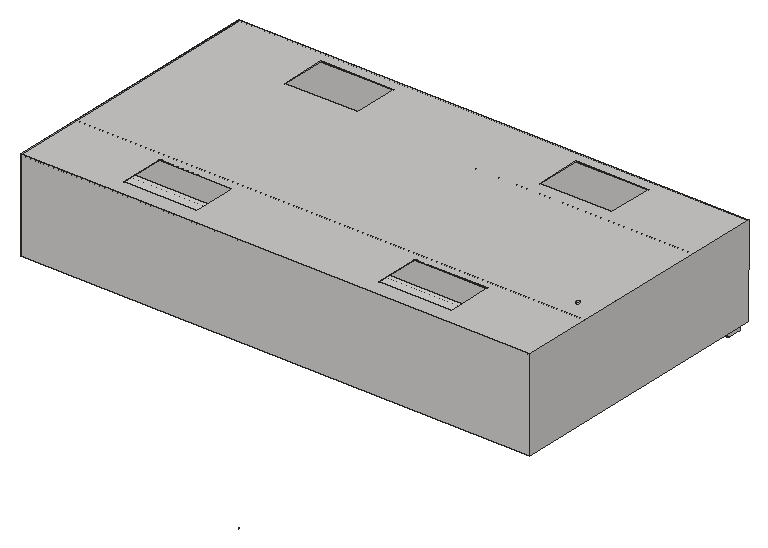
Revit family "QF_ELECTROLUXPROFESSIONAL_641261_STPF1528", category Specialty Equipment, Revit 2014
Reference planes
  plane 1: z = 0
  plane 2 "Center (Left/Right)": x = 150
  plane 3 "LEFT": x = -1250
  plane 4 "RIGHT": x = 1550
  plane 5 "BACK": y = 550
  plane 6 "TOP": z = 2500
  plane 7 "Base": z = 2000
  plane 8: z = 1955
  plane 9 "DrainY": y = 490
  plane 10: x = -1247
  plane 11 "DrainX": x = 1430
  plane 12 "AOLeft2": x = -350
  plane 13 "AORight1": x = 650
  plane 14: x = 1547
  plane 15: x = -1050
  plane 16: x = 1350
  plane 17 "Center (Front/Back)": y = -100
  plane 18 "Front": y = -950
  plane 19 "AOLeft1": x = -750
  plane 20 "AORight2": x = 1050
  plane 21: y = -864
  plane 22: y = -614
  plane 23: y = 240
  plane 24: y = 490
  plane 25 "EI_y": y = -470
  plane 26 "EIx": x = 1430
Forms (mm)
  Extrusion 1, solid, material "QF_Finishes_Stainless Steel"
    sketch origin (-1250, 0, 360) x (0, 1, 0) y (0, 0, 1)
      loop
        line (550, 1640) -> (550, 2140) -> (-950, 2140) -> (-950, 1640) -> (550, 1640)
    from 0 to 3
  Extrusion 2, solid, material "QF_Finishes_Stainless Steel"
    sketch origin (1550, 0, 360) x (0, 1, 0) y (0, 0, 1)
      loop
        line (550, 1640) -> (550, 2140) -> (-950, 2140) -> (-950, 1640) -> (550, 1640)
    from 0 to -3
  Extrusion 3, solid, material "QF_Finishes_Stainless Steel"
    sketch origin (150, 0, 360) x (0, 1, 0) y (0, 0, 1)
      loop
        line (-950, 2140) -> (-950, 1640) -> (-940, 1640) -> (-940, 1640.8) -> (-949.2, 1640.8) -> (-949.2, 2139.19) -> (549.2, 2139.19) -> (549.2, 1640.8) -> (540, 1640.8) -> (540, 1640) -> (550, 1640) -> (550, 2140) -> (-950, 2140)
    from -1400 to 1400
  Extrusion 4, solid, material "QF_Finishes_Stainless Steel"
    sketch origin (0, 0, 2000) x (0, 1, 0) y (-1, 0, 0)
      loop
        circle (490, -1430) r 4.763
    from -30 to 0
  Extrusion 5, void
    sketch origin (0, 0, 2500) x (0, 1, 0) y (-1, 0, 0)
      loop
        line (-614, 350) -> (-614, 750) -> (-864, 750) -> (-864, 350) -> (-614, 350)
    from 0 to -10
  Extrusion 6, solid, material "QF_Finishes_Stainless Steel"
    sketch origin (0, 0, 0) x (1, 0, 0) y (0, 1, 0)
      loop
        line (-1250, 550) -> (-1250, 549) -> (-1249, 549) -> (-1249, 550) -> (-1250, 550)
    from 0 to 1
  Extrusion 7, solid, material "QF_LAMPS"
    sketch origin (150, 0, 360) x (0, 1, 0) y (0, 0, 1)
      loop
        line (-572.823, 1962.324) -> (-418.948, 2086.929) -> (-427.129, 2097.032) -> (-581.003, 1972.426) -> (-572.823, 1962.324)
    from 1397 to -1397
  Sweep 8, solid, material "QF_Finishes_Stainless Steel"
    path origin (0, 0, 0) x (1, 0, 0) y (0, 1, 0)
      loop
        line (1550, 550) -> (-1250, 550) -> (-1250, -950) -> (1550, -950) -> (1550, 550)
    profile origin (1550, -200, 0) x (1, 0, 0) y (0, 0, 1)
      loop
        line (-3, 2000) -> (-3, 2000.8) -> (-19, 2000.8) -> (-19, 2010) -> (-20, 2010) -> (-20, 2000) -> (-3, 2000)
  Extrusion 9, solid, material "QF_Finishes_Stainless Steel"
    sketch origin (150, 0, 0) x (0, 1, 0) y (0, 0, 1)
      loop
        line (414.66, 2095.469) -> (440.643, 2110.471) -> (261.744, 2411.771) -> (235.948, 2396.455) -> (414.66, 2095.469)
    from -1397 to -1200
  Extrusion 10, void
    sketch origin (1134.605, 0, 2500) x (0, 1, 0) y (-1, 0, 0)
      loop
        line (-614, 84.605) -> (-614, 484.605) -> (-864, 484.605) -> (-864, 84.605) -> (-614, 84.605)
    from 0 to -10
  Extrusion 11, solid, material "QF_Finishes_Stainless Steel"
    sketch origin (1430, 0, 0) x (0, 1, 0) y (0, 0, 1)
      loop
        line (539, 2000) -> (441, 2000) -> (441, 1989) -> (448.5, 1989) -> (448.5, 1965)
        arc (448.5, 1965) -> (451.429, 1957.929) -> (458.5, 1955) r 10
        line (458.5, 1955) -> (521.5, 1955)
        arc (521.5, 1955) -> (528.571, 1957.929) -> (531.5, 1965) r 10
        line (531.5, 1965) -> (531.5, 1989) -> (539, 1989) -> (539, 2000)
    from 90 to -90
  Extrusion 12, solid, material "QF_Finishes_Stainless Steel"
    sketch origin (150, 0, 0) x (0, 1, 0) y (0, 0, 1)
      loop
        line (414.66, 2095.469) -> (440.643, 2110.471) -> (261.744, 2411.771) -> (235.948, 2396.455) -> (414.66, 2095.469)
    from 1200 to 1397
  Extrusion 13, solid, material "QF_Finished_Chrome"
    sketch origin (150, 0, 0) x (0, 1, 0) y (0, 0, 1)
      loop
        line (414.66, 2095.469) -> (440.643, 2110.471) -> (261.744, 2411.771) -> (235.948, 2396.455) -> (414.66, 2095.469)
    from -1200 to 1200
  Extrusion 14, void
    sketch origin (0, 1180, 2500) x (0, 1, 0) y (-1, 0, 0)
      loop
        line (-690, 350) -> (-690, 750) -> (-940, 750) -> (-940, 350) -> (-690, 350)
    from 0 to -10
  Extrusion 15, void
    sketch origin (1600, 1180, 2500) x (0, 1, 0) y (-1, 0, 0)
      loop
        line (-690, 550) -> (-690, 950) -> (-940, 950) -> (-940, 550) -> (-690, 550)
    from 0 to -10
  Extrusion 16, solid, material "QF_Finishes_Stainless Steel"
    sketch origin (0, 0, 2500) x (0, 1, 0) y (-1, 0, 0)
      loop
        circle (-470, -1430) r 10
    from 0 to 1.6
  Extrusion 17, solid, material "QF_Finishes_Stainless Steel"
    sketch origin (150, 0, 360) x (0, 1, 0) y (0, 0, 1)
      loop
        line (430.005, 1640) -> (540, 1640) -> (540, 1640.8) -> (430.467, 1640.8) -> (371.906, 1742.23) -> (414.858, 1734.657) -> (442.266, 1750.481) -> (442.266, 1765.943) -> (441.466, 1765.943) -> (441.466, 1750.943) -> (414.709, 1735.495) -> (321.153, 1751.991) -> (320.875, 1750.416) -> (371.4, 1741.507) -> (430.005, 1640)
      loop
        line (172.529, 2139.19) -> (242.893, 2017.316) -> (245.133, 2018.715) -> (240.13, 2027.381) -> (238.569, 2026.405) -> (173.453, 2139.19) -> (172.529, 2139.19)
    from -1397 to 1397
  Extrusion 18, solid, material "QF_Finishes_Stainless Steel"
    sketch origin (150, 200.8, 360) x (0, 1, 0) y (0, 0, 1)
      loop
        line (-1150, 2139.19) -> (-1150, 1640) -> (-1086.602, 1640) -> (-999.146, 1690.493) -> (-1010.058, 1709.394) -> (-1066.564, 1676.77) -> (-1114.704, 1680.982) -> (-1149.2, 1730.248) -> (-1149.2, 2139.19) -> (-1150, 2139.19)
      loop
        line (-773.6, 1961.694) -> (-781.937, 1971.99) -> (-769.095, 1982.182) -> (-769.095, 2139.19) -> (-769.895, 2139.19) -> (-769.895, 1982.569) -> (-1082.298, 1734.63) -> (-1071.091, 1720.79) -> (-773.6, 1961.694)
      loop
        line (-627.61, 2099.216) -> (-618.171, 2087.559) -> (-554.411, 2139.19) -> (-555.682, 2139.19) -> (-618.052, 2088.684) -> (-626.989, 2099.719) -> (-627.61, 2099.216)
    from -1397 to 1397
  Extrusion 19, solid, material "QF_Finishes_Stainless Steel"
    sketch origin (0, 0, 2500) x (0, 1, 0) y (-1, 0, 0)
      loop
        circle (-470, -1430) r 10
    from 0 to 1.6
Cuts and joins
  Extrusion 5, Extrusion 10, Extrusion 14, Extrusion 15 cuts Extrusion 3
  joined: Extrusion 2, Extrusion 3, Sweep 8
Lines and regions (mm)
  symbolic lines, style "SpecialityEquipment", detail levels coarse
    curve 1: line (1550, 550, 2500) -> (-1250, 550, 2500)
    curve 2: line (-1250, 550, 2500) -> (-1250, -950, 2500)
    curve 3: line (1550, -950, 2500) -> (1550, 550, 2500)
    curve 4: line (-1250, 550, 0) -> (1550, -950, 0)
    curve 5: line (1550, 550, 0) -> (-1250, -950, 0)
    curve 6: line (-1250, -950, 0) -> (1550, -950, 0)
  symbolic lines, detail levels coarse
    curve 7: line (-750, 240, 2500) -> (-350, 240, 2500)
    curve 8: line (-750, 490, 2500) -> (-750, 240, 2500)
    curve 9: line (-350, 490, 2500) -> (-750, 490, 2500)
    curve 10: line (-350, 240, 2500) -> (-350, 490, 2500)
    curve 11: line (650, 490, 2500) -> (650, 240, 2500)
    curve 12: line (1050, 490, 2500) -> (650, 490, 2500)
    curve 13: line (650, 240, 2500) -> (1050, 240, 2500)
    curve 14: line (1050, 240, 2500) -> (1050, 490, 2500)
    curve 15: line (-750, -614, 2500) -> (-350, -614, 2500)
    curve 16: line (-750, -864, 2500) -> (-750, -614, 2500)
    curve 17: line (-350, -864, 2500) -> (-750, -864, 2500)
    curve 18: line (-350, -614, 2500) -> (-350, -864, 2500)
    curve 19: line (650, -614, 2500) -> (1050, -614, 2500)
    curve 20: line (650, -864, 2500) -> (650, -614, 2500)
    curve 21: line (1050, -864, 2500) -> (650, -864, 2500)
    curve 22: line (1050, -614, 2500) -> (1050, -864, 2500)
Dimensions and locks
  plane 3 "LEFT" to plane 4 "RIGHT" = 2800 mm
  equal spacing: plane 3 "LEFT", plane 2 "Center (Left/Right)", plane 4 "RIGHT"
  plane 7 "Base" to plane 8 = 45 mm
  plane 5 "BACK" to plane 9 "DrainY" = 60 mm  (x2)
  plane 3 "LEFT" to plane 10 = 3 mm
  plane 11 "DrainX" to plane 4 "RIGHT" = 120 mm
  plane 14 to plane 4 "RIGHT" = 3 mm
  plane 3 "LEFT" to plane 15 = 200 mm
  plane 16 to plane 4 "RIGHT" = 200 mm
  locked: plane 12 "AOLeft2" to plane 13 "AORight1" at 1000
  equal spacing: plane 12 "AOLeft2", plane 2 "Center (Left/Right)", plane 13 "AORight1"
  locked: plane 7 "Base" to level at 2000
  locked: plane 6 "TOP" to plane 7 "Base" at 500
  locked: plane 19 "AOLeft1" to plane 12 "AOLeft2" at 400
  locked: plane 13 "AORight1" to plane 20 "AORight2" at 400
  locked: plane 22 to plane 21 at 250
  locked: plane 21 to plane 18 "Front" at 86
  locked: plane 24 to plane 23 at 250
  locked: plane 5 "BACK" to plane 24 at 60
  locked: plane 25 "EI_y" to plane 18 "Front" at 480
  locked: plane 26 "EIx" to plane 4 "RIGHT" at 120
  locked: plane 5 "BACK" to plane 18 "Front" at 1500
  plane 5 "BACK" to plane 18 "Front" = 1500 mm
  aligned and locked: level to plane 1
  aligned and locked: plane 4 "RIGHT" to Extrusion 3
  aligned and locked: Extrusion 3 to plane 3 "LEFT"
  aligned and locked: Extrusion 2 to plane 14
  aligned and locked: Extrusion 9 to plane 10
  aligned and locked: Extrusion 5 to plane 19 "AOLeft1"
  aligned and locked: Extrusion 5 to plane 12 "AOLeft2"
  aligned and locked: plane 20 "AORight2" to Extrusion 10
  aligned and locked: plane 13 "AORight1" to Extrusion 10
  aligned and locked: plane 15 to Extrusion 9
  aligned and locked: plane 16 to Extrusion 12
  aligned and locked: plane 14 to Extrusion 12
  aligned and locked: Extrusion 13 to plane 15
  aligned and locked: Extrusion 13 to plane 16
  aligned and locked: plane 14 to Extrusion 7
  aligned and locked: Extrusion 7 to plane 10
  aligned and locked: Extrusion 14 to plane 23
  aligned and locked: plane 24 to Extrusion 14
  aligned and locked: plane 24 to Extrusion 15
  aligned and locked: Extrusion 15 to plane 23
  aligned and locked: plane 13 "AORight1" to Extrusion 15
  aligned and locked: plane 20 "AORight2" to Extrusion 15
  aligned and locked: Extrusion 14 to plane 19 "AOLeft1"
  aligned and locked: Extrusion 14 to plane 12 "AOLeft2"
  aligned and locked: Extrusion 17 to plane 10
  aligned and locked: plane 14 to Extrusion 17
  aligned and locked: Extrusion 5 to plane 21
  aligned and locked: plane 22 to Extrusion 5
  aligned and locked: Extrusion 10 to plane 21
  aligned and locked: Extrusion 18 to plane 10
  aligned and locked: plane 14 to Extrusion 18
Automatic sketch dimensions
  curve 6 to plane 3 "LEFT" = 0 mm
  curve 4 to plane 3 "LEFT" = 0 mm
  curve 5 to plane 4 "RIGHT" = 0 mm
  curve 6 to plane 4 "RIGHT" = 0 mm
  curve 4 to plane 18 "Front" = 0 mm
  curve 5 to plane 5 "BACK" = 0 mm
  curve 4 to plane 5 "BACK" = 0 mm
  Extrusion 1 sketch curve to plane 7 "Base" = 0 mm
  Extrusion 1 sketch curve to plane 18 "Front" = 0 mm
  Extrusion 1 sketch curve to plane 5 "BACK" = 0 mm
  Extrusion 1 sketch curve to plane 6 "TOP" = 0 mm
  Extrusion 2 sketch curve to plane 7 "Base" = 0 mm
  Extrusion 2 sketch curve to plane 18 "Front" = 0 mm
  Extrusion 2 sketch curve to plane 5 "BACK" = 0 mm
  Extrusion 2 sketch curve to plane 6 "TOP" = 0 mm
  Extrusion 3 sketch curve to plane 6 "TOP" = 0 mm
  Extrusion 3 sketch curve to plane 18 "Front" = 0 mm
  Extrusion 3 sketch curve to plane 7 "Base" = 0 mm  (x2)
  Extrusion 3 sketch curve to plane 5 "BACK" = 0 mm
  plane 18 "Front" to Extrusion 3 sketch curve = 0.8 mm
  Extrusion 3 sketch curve to Extrusion 3 sketch curve = 9.2 mm
  plane 7 "Base" to Extrusion 3 sketch curve = 0.8 mm  (x2)
  Extrusion 3 sketch curve to plane 5 "BACK" = 10 mm
  Extrusion 3 sketch curve to plane 5 "BACK" = 0.8 mm
  Extrusion 3 sketch curve to plane 6 "TOP" = 0.81 mm
  Extrusion 4 sketch curve to plane 9 "DrainY" = 0 mm
  Extrusion 4 sketch curve to plane 11 "DrainX" = 0 mm
  Extrusion 5 sketch curve to plane 12 "AOLeft2" = 0 mm
  Extrusion 5 sketch curve to plane 21 = 0 mm
  Extrusion 5 sketch curve to plane 22 = 0 mm
  Extrusion 5 sketch curve to plane 19 "AOLeft1" = 0 mm
  Extrusion 6 sketch curve to plane 3 "LEFT" = 0 mm
  Extrusion 6 sketch curve to plane 5 "BACK" = 0 mm
  plane 3 "LEFT" to Extrusion 6 sketch curve = 1 mm
  Extrusion 6 sketch curve to Extrusion 6 sketch curve = 1 mm
  plane 22 to Extrusion 7 sketch curve = 32.997 mm
  Extrusion 7 sketch curve to Extrusion 7 sketch curve = 8.181 mm  (x2)
  plane 25 "EI_y" to Extrusion 7 sketch curve = 42.871 mm
  Extrusion 7 sketch curve to plane 6 "TOP" = 177.676 mm
  Extrusion 7 sketch curve to Extrusion 7 sketch curve = 10.102 mm
  Extrusion 7 sketch curve to plane 6 "TOP" = 53.071 mm
  Extrusion 7 sketch curve to Extrusion 7 sketch curve = 10.103 mm
  Sweep 8 sketch curve to plane 3 "LEFT" = 0 mm
  Sweep 8 sketch curve to plane 4 "RIGHT" = 0 mm
  Sweep 8 sketch curve to plane 18 "Front" = 0 mm
  Sweep 8 sketch curve to plane 5 "BACK" = 0 mm
  profile plane to Sweep 8 sketch curve = 20 mm
  Sweep 8 sketch curve to Sweep 8 sketch curve = 1 mm
  profile plane to Sweep 8 sketch curve = 3 mm
  level to Sweep 8 sketch curve = 2000 mm
  Sweep 8 sketch curve to Sweep 8 sketch curve = 0.8 mm
  Sweep 8 sketch curve to Sweep 8 sketch curve = 9.2 mm
  Extrusion 9 sketch curve to plane 23 = 4.052 mm
  plane 23 to Extrusion 9 sketch curve = 21.744 mm
  Extrusion 9 sketch curve to plane 9 "DrainY" = 75.34 mm
  Extrusion 9 sketch curve to Extrusion 9 sketch curve = 25.983 mm
  plane 7 "Base" to Extrusion 9 sketch curve = 95.469 mm
  Extrusion 9 sketch curve to Extrusion 9 sketch curve = 15.001 mm
  Extrusion 9 sketch curve to plane 6 "TOP" = 103.545 mm
  Extrusion 9 sketch curve to Extrusion 9 sketch curve = 15.316 mm
  Extrusion 10 sketch curve to plane 20 "AORight2" = 0 mm
  Extrusion 10 sketch curve to plane 21 = 0 mm
  Extrusion 10 sketch curve to plane 22 = 0 mm
  Extrusion 10 sketch curve to plane 13 "AORight1" = 0 mm
  Extrusion 11 sketch curve to plane 8 = 0 mm
  Extrusion 11 sketch curve to plane 7 "Base" = 11 mm  (x2)
  Extrusion 11 sketch curve to plane 9 "DrainY" = 49 mm
  Extrusion 11 sketch curve to Extrusion 11 sketch curve = 7.5 mm  (x2)
  Extrusion 11 sketch curve to Extrusion 11 sketch curve = 10 mm
  Extrusion 11 sketch curve to plane 5 "BACK" = 28.5 mm
  Extrusion 11 sketch curve to plane 5 "BACK" = 18.5 mm
  plane 7 "Base" to Extrusion 11 sketch curve = 0 mm
  Extrusion 12 sketch curve to plane 23 = 4.052 mm
  plane 23 to Extrusion 12 sketch curve = 21.744 mm
  Extrusion 12 sketch curve to plane 9 "DrainY" = 75.34 mm
  Extrusion 12 sketch curve to Extrusion 12 sketch curve = 25.983 mm
  plane 7 "Base" to Extrusion 12 sketch curve = 95.469 mm
  Extrusion 12 sketch curve to Extrusion 12 sketch curve = 15.001 mm
  Extrusion 12 sketch curve to plane 6 "TOP" = 103.545 mm
  Extrusion 12 sketch curve to Extrusion 12 sketch curve = 15.316 mm
  Extrusion 13 sketch curve to plane 23 = 4.052 mm
  plane 23 to Extrusion 13 sketch curve = 21.744 mm
  Extrusion 13 sketch curve to plane 9 "DrainY" = 75.34 mm
  Extrusion 13 sketch curve to Extrusion 13 sketch curve = 25.983 mm
  plane 7 "Base" to Extrusion 13 sketch curve = 95.469 mm
  Extrusion 13 sketch curve to Extrusion 13 sketch curve = 15.001 mm
  Extrusion 13 sketch curve to plane 6 "TOP" = 103.545 mm
  Extrusion 13 sketch curve to Extrusion 13 sketch curve = 15.316 mm
  Extrusion 14 sketch curve to plane 12 "AOLeft2" = 0 mm
  Extrusion 14 sketch curve to plane 23 = 0 mm
  Extrusion 14 sketch curve to plane 9 "DrainY" = 0 mm
  Extrusion 14 sketch curve to plane 19 "AOLeft1" = 0 mm
  Extrusion 15 sketch curve to plane 20 "AORight2" = 0 mm
  Extrusion 15 sketch curve to plane 23 = 0 mm
  Extrusion 15 sketch curve to plane 9 "DrainY" = 0 mm
  Extrusion 15 sketch curve to plane 13 "AORight1" = 0 mm
  Extrusion 16 sketch curve to plane 25 "EI_y" = 0 mm
  Extrusion 16 sketch curve to plane 26 "EIx" = 0 mm
  Extrusion 17 sketch curve to plane 7 "Base" = 0 mm
  Extrusion 17 sketch curve to plane 6 "TOP" = 0.81 mm
  Extrusion 17 sketch curve to plane 23 = 67.471 mm
  Extrusion 17 sketch curve to Extrusion 17 sketch curve = 0.924 mm
  Extrusion 17 sketch curve to plane 23 = 1.431 mm
  plane 23 to Extrusion 17 sketch curve = 0.13 mm
  plane 23 to Extrusion 17 sketch curve = 2.893 mm
  Extrusion 17 sketch curve to Extrusion 17 sketch curve = 2.24 mm
  plane 23 to Extrusion 17 sketch curve = 80.875 mm
  Extrusion 17 sketch curve to Extrusion 17 sketch curve = 0.278 mm
  Extrusion 17 sketch curve to Extrusion 17 sketch curve = 50.525 mm
  Extrusion 17 sketch curve to Extrusion 17 sketch curve = 0.506 mm
  Extrusion 17 sketch curve to Extrusion 17 sketch curve = 42.803 mm
  Extrusion 17 sketch curve to Extrusion 17 sketch curve = 0.148 mm
  Extrusion 17 sketch curve to plane 9 "DrainY" = 59.995 mm
  plane 7 "Base" to Extrusion 17 sketch curve = 0.8 mm
  Extrusion 17 sketch curve to Extrusion 17 sketch curve = 0.462 mm  (x2)
  Extrusion 17 sketch curve to Extrusion 17 sketch curve = 109.533 mm
  Extrusion 17 sketch curve to Extrusion 17 sketch curve = 26.757 mm
  Extrusion 17 sketch curve to Extrusion 17 sketch curve = 0.8 mm
  plane 7 "Base" to Extrusion 17 sketch curve = 94.657 mm
  Extrusion 17 sketch curve to Extrusion 17 sketch curve = 0.838 mm
  Extrusion 17 sketch curve to Extrusion 17 sketch curve = 6.012 mm
  Extrusion 17 sketch curve to Extrusion 17 sketch curve = 0.723 mm
  Extrusion 17 sketch curve to Extrusion 17 sketch curve = 14.986 mm
  Extrusion 17 sketch curve to Extrusion 17 sketch curve = 15 mm
  Extrusion 17 sketch curve to plane 6 "TOP" = 122.684 mm
  Extrusion 17 sketch curve to Extrusion 17 sketch curve = 1.399 mm
  Extrusion 17 sketch curve to Extrusion 17 sketch curve = 9.089 mm
  Extrusion 17 sketch curve to Extrusion 17 sketch curve = 0.975 mm
  Extrusion 18 sketch curve to plane 7 "Base" = 0 mm
  plane 18 "Front" to Extrusion 18 sketch curve = 0.8 mm
  Extrusion 18 sketch curve to Extrusion 18 sketch curve = 0.8 mm  (x2)
  plane 18 "Front" to Extrusion 18 sketch curve = 36.096 mm
  Extrusion 18 sketch curve to plane 21 = 21.802 mm
  Extrusion 18 sketch curve to plane 21 = 17.498 mm
  Extrusion 18 sketch curve to plane 21 = 6.291 mm
  Extrusion 18 sketch curve to plane 21 = 1.764 mm
  plane 21 to Extrusion 18 sketch curve = 54.742 mm
  Extrusion 18 sketch curve to Extrusion 18 sketch curve = 10.912 mm
  plane 22 to Extrusion 18 sketch curve = 32.863 mm
  Extrusion 18 sketch curve to Extrusion 18 sketch curve = 8.337 mm
  Extrusion 18 sketch curve to Extrusion 18 sketch curve = 12.042 mm
  plane 25 "EI_y" to Extrusion 18 sketch curve = 43.19 mm
  Extrusion 18 sketch curve to Extrusion 18 sketch curve = 0.622 mm
  Extrusion 18 sketch curve to Extrusion 18 sketch curve = 9.44 mm
  Extrusion 18 sketch curve to Extrusion 18 sketch curve = 0.118 mm
  Extrusion 18 sketch curve to plane 6 "TOP" = 0.81 mm  (x3)
  Extrusion 18 sketch curve to Extrusion 18 sketch curve = 62.37 mm
  Extrusion 18 sketch curve to Extrusion 18 sketch curve = 1.271 mm
  plane 7 "Base" to Extrusion 18 sketch curve = 36.77 mm
  plane 7 "Base" to Extrusion 18 sketch curve = 40.982 mm
  plane 7 "Base" to Extrusion 18 sketch curve = 50.493 mm
  Extrusion 18 sketch curve to Extrusion 18 sketch curve = 18.901 mm
  Extrusion 18 sketch curve to Extrusion 18 sketch curve = 44.02 mm
  Extrusion 18 sketch curve to Extrusion 18 sketch curve = 49.266 mm
  Extrusion 18 sketch curve to Extrusion 18 sketch curve = 13.84 mm
  Extrusion 18 sketch curve to plane 6 "TOP" = 178.306 mm
  Extrusion 18 sketch curve to Extrusion 18 sketch curve = 10.296 mm
  Extrusion 18 sketch curve to Extrusion 18 sketch curve = 10.192 mm
  Extrusion 18 sketch curve to Extrusion 18 sketch curve = 0.386 mm
  Extrusion 18 sketch curve to plane 6 "TOP" = 52.441 mm
  Extrusion 18 sketch curve to Extrusion 18 sketch curve = 1.125 mm
  Extrusion 19 sketch curve to plane 25 "EI_y" = 0 mm
  Extrusion 19 sketch curve to plane 26 "EIx" = 0 mm
  curve 2 to plane 3 "LEFT" = 0 mm
  curve 2 to plane 18 "Front" = 0 mm
  curve 3 to plane 4 "RIGHT" = 0 mm
  curve 3 to plane 18 "Front" = 0 mm
  curve 21 to plane 13 "AORight1" = 0 mm
  curve 21 to plane 21 = 0 mm
  curve 18 to plane 12 "AOLeft2" = 0 mm
  curve 18 to plane 21 = 0 mm
  curve 19 to plane 20 "AORight2" = 0 mm
  curve 19 to plane 22 = 0 mm
  curve 15 to plane 22 = 0 mm
  curve 13 to plane 13 "AORight1" = 0 mm
  curve 13 to plane 23 = 0 mm
  curve 10 to plane 12 "AOLeft2" = 0 mm
  curve 10 to plane 23 = 0 mm
  curve 14 to plane 9 "DrainY" = 0 mm
  curve 10 to plane 9 "DrainY" = 0 mm
  curve 2 to plane 5 "BACK" = 0 mm
  curve 14 to plane 20 "AORight2" = 0 mm
  curve 17 to plane 19 "AOLeft1" = 0 mm
  curve 7 to plane 19 "AOLeft1" = 0 mm
  radius of Extrusion 4 sketch curve = 4.763 mm
  radius of Extrusion 16 sketch curve = 10 mm
  radius of Extrusion 19 sketch curve = 10 mm
Connectors
  piping at (1430, 490, 1970), diameter 9.5
    settings: on Extrusion 4, index 1, connector inside diameter 609.6 mm, connector length 0 mm, flow factor 0, pipe flow 0.0 L/s, pressure drop 0.0 Pa, fitting loss kfactor 0, connector angle 0.00°, fixture units 0, engagement length 0 mm, angle of deflection 0.00°, flow configuration 1, flow direction 2, fitting loss method 0, system type 16, joint type 0, gender type 0, connector reference index -1, connector utility 0, adjustable connector no, is connector primary yes, connector description "Drain"
  hvac at (-550, -739, 2500)
    settings: on Extrusion 5, index 2, duct flow 0.0 L/s, flow factor 0, pres drop 0.0 Pa, loss coef 0, conn angle 0.00°, conn width 250 mm, conn height 400 mm, conn diameter 609.6 mm, duct sys type 1, conn prof type 1, flow config 1, flow direction 1, loss method 0, conn ref index -1, conn util no, is conn primary yes, conn desc "AIR INLET"
  hvac at (850, -739, 2500)
    settings: on Extrusion 10, index 3, duct flow 0.0 L/s, flow factor 0, pres drop 0.0 Pa, loss coef 0, conn angle 0.00°, conn width 250 mm, conn height 400 mm, conn diameter 609.6 mm, duct sys type 1, conn prof type 1, flow config 1, flow direction 1, loss method 0, conn ref index -1, conn util no, is conn primary no, conn desc "AIR INLET"
  hvac at (-550, 365, 2500)
    settings: on Extrusion 14, index 4, duct flow 0.0 L/s, flow factor 0, pres drop 0.0 Pa, loss coef 0, conn angle 0.00°, conn width 250 mm, conn height 400 mm, conn diameter 609.6 mm, duct sys type 3, conn prof type 1, flow config 1, flow direction 2, loss method 0, conn ref index -1, conn util no, is conn primary no, conn desc "EXHAUST OUTLET"
  hvac at (850, 365, 2500)
    settings: on Extrusion 15, index 5, duct flow 0.0 L/s, flow factor 0, pres drop 0.0 Pa, loss coef 0, conn angle 0.00°, conn width 250 mm, conn height 400 mm, conn diameter 609.6 mm, duct sys type 3, conn prof type 1, flow config 1, flow direction 2, loss method 0, conn ref index -1, conn util no, is conn primary no, conn desc "EXHAUST OUTLET"
  electrical at (1430, -470, 2501.6)
    settings: on Extrusion 16, index 6, voltage 0 V, apparent load 0 VA, apparent load phase1 0 VA, apparent load phase2 0 VA, apparent load phase3 0 VA, power factor 1, load classification "Other", number of poles 1, system type 30, power factor state 1, is connector primary yes, connector utility no, sub classification motor no, connector description "Electrical Connection"
  electrical at (1430, -470, 2501.6)
    settings: on Extrusion 19, index 12, voltage 0 V, apparent load 0 VA, apparent load phase1 0 VA, apparent load phase2 0 VA, apparent load phase3 0 VA, power factor 1, load classification "Other", number of poles 1, system type 30, power factor state 1, is connector primary no, connector utility no, sub classification motor no, connector description ""
